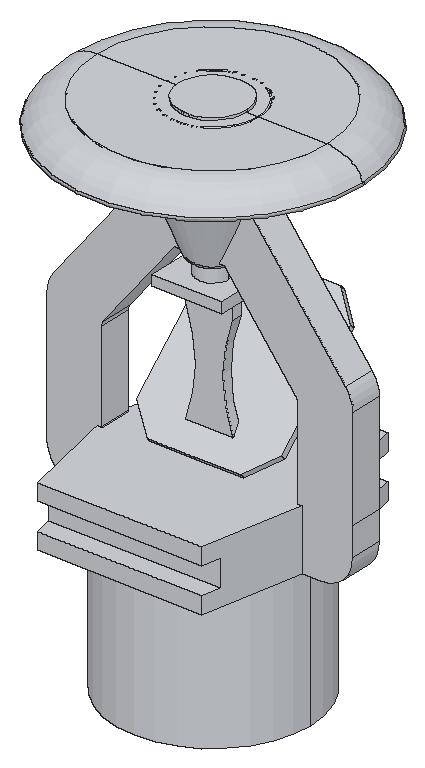
Revit family
Parameters (values of type "RASCO JL112 UPRIGHT")
  Temperature Rating = 212 °F
  Response = 1
  RASCO SIN # = "R7326"
  RASCO Part # = "JL112U2C"
  Pressure Rating = "175 PSI"
  Pressure Class = (empty or 0)
  Orifice Size = 3/4"
  Orifice = (empty or 0)
  Model = "JL112"
  Manufacturer = "RASCO"
  K-Factor = 11.2
  Description = "CHROME FINISH"
  Coverage = (empty or 0)
Reference planes (in)
  plane 1 "Center (Front/Back)": y = 0
  plane 2: z = 0
  plane 3 "Center (Left/Right)": x = 0
Nested families (in)
  nested 1: "JL112U2C" at (0, 0, 0), type "RASCO JL112 UPRIGHT"
Connectors (in)
  piping at (0, 0, 0)
    settings: on nested 1, index 1, connector radius 1/2", flow factor 0, pipe flow 0 GPM, pressure drop 0.00 psi, fitting loss kfactor 0, connector angle 0.00°, fixture units 0, flow configuration 0, flow direction 0, fitting loss method 0, system type 7, connector reference index -1, connector utility 0, adjustable connector no, is connector primary yes, fitting loss table "", connector description ""
Definition of nested family "JL112U2C"
  Parameters (values of type "RASCO JL112 UPRIGHT")
    Type Comments = ""
    Temperature Rating = 0 °F
    Response = (empty or 0)
    Pressure Rating = "0"
    Pressure Class = (empty or 0)
    Orifice Size = 0"
    Orifice = (empty or 0)
    Model = ""
    Manufacturer = ""
    K-Factor = 0
    Description = ""
    Coverage = (empty or 0)
    Assembly Code = ""
  Reference planes (in)
    plane 1 "Center (Front/Back)": y = 0
    plane 2: z = 0
    plane 3 "REF.1": z = 0.773
    plane 4 "top": z = 2.8125
    plane 5: x = -0.81624
    plane 6: x = 0.81332
    plane 7 "ref.2": z = 2.098
    plane 8 "head": z = 2.6725
    plane 9 "left/right center": x = 0
    plane 10 "screw": z = 1.98251
    plane 11 "link2": through (0, -0.02489, 1.21079) normal (0, 0.6767, -0.7363)
  Forms (in)
    Extrusion 1, solid
      sketch origin (0, 0, 0) x (1, 0, 0) y (0, 1, 0)
        loop
          circle (0, 0) r 0.5221
      from 0 to 0.773
    Extrusion 2, solid
      sketch origin (0, 0, 0.773) x (-1, 0, 0) y (0, -1, 0)
        loop
          line (-0.43619, -0.62052) -> (0.4375, -0.62052) -> (0.56391, 0) -> (0.4375, 0.62052) -> (-0.43619, 0.62052) -> (-0.56259, 0) -> (-0.43619, -0.62052)
      from 0 to 0.325
    Extrusion 3, void
      sketch origin (0, 0, 0) x (1, 0, 0) y (0, 0, 1)
        loop
          line (-0.56391, 1.00774) -> (-0.56391, 0.86298) -> (0.56259, 0.86298) -> (0.56259, 1.00774) -> (-0.56391, 1.00774)
      from 0.52148 to 0.62052
    Extrusion 4, solid
      sketch origin (0, 0, 0) x (1, 0, 0) y (0, 0, 1)
        loop
          line (-0.5221, 0.773) -> (-0.5221, 1.098) -> (-0.5221, 1.58091)
          arc (-0.5221, 1.58091) -> (-0.5194, 1.59708) -> (-0.51161, 1.61149) r 0.04979
          line (-0.51161, 1.61149) -> (-0.13316, 2.098) -> (-0.00066, 2.098) -> (0.13184, 2.098) -> (0.5115, 1.61158)
          arc (0.5115, 1.61158) -> (0.51938, 1.59706) -> (0.5221, 1.58077) r 0.05007
          line (0.5221, 1.58077) -> (0.5221, 1.098) -> (0.5221, 0.773) -> (0.64763, 0.773)
          arc (0.64763, 0.773) -> (0.76676, 0.82234) -> (0.8161, 0.94147) r 0.16847
          line (0.8161, 0.94147) -> (0.8161, 1.098) -> (0.8161, 1.63725)
          arc (0.8161, 1.63725) -> (0.80631, 1.69579) -> (0.77801, 1.74796) r 0.17993
          line (0.77801, 1.74796) -> (0.18552, 2.50706) -> (-0.18743, 2.50706) -> (-0.77818, 1.74764)
          arc (-0.77818, 1.74764) -> (-0.80636, 1.69554) -> (-0.8161, 1.63712) r 0.18
          line (-0.8161, 1.63712) -> (-0.8161, 1.098) -> (-0.8161, 0.94094)
          arc (-0.8161, 0.94094) -> (-0.76691, 0.82219) -> (-0.64816, 0.773) r 0.16794
          line (-0.64816, 0.773) -> (-0.5221, 0.773)
      from -0.08649 to 0.08732
    Extrusion 5, void
      sketch origin (0.00728, 1.142, 0) x (1, 0, 0) y (0, 0, 1)
        loop
          line (-0.56391, 1.00774) -> (-0.56391, 0.86298) -> (0.56259, 0.86298) -> (0.56259, 1.00774) -> (-0.56391, 1.00774)
      from 0.52148 to 0.62052
    Revolve 6, solid
      sketch origin (0, 0, 0) x (1, 0, 0) y (0, 0, 1)
        loop
          line (-0.00066, 2.8125) -> (-0.24139, 2.8125)
          arc (-0.24139, 2.8125) -> (-0.25522, 2.80677) -> (-0.26095, 2.79293) r 0.01957
          line (-0.26095, 2.79293) -> (-0.26095, 2.42899)
          arc (-0.26095, 2.42899) -> (-0.25939, 2.41285) -> (-0.25476, 2.3973) r 0.08419
          line (-0.25476, 2.3973) -> (-0.12582, 2.07995)
          arc (-0.12582, 2.07995) -> (-0.11591, 2.06775) -> (-0.10088, 2.06316) r 0.02692
          line (-0.10088, 2.06316) -> (-0.00066, 2.06316) -> (-0.00066, 2.8125)
        axis (-0.00066, 2.8125) -> (-0.00066, 2.06316)
      angle from 0 to 360
    Revolve 7, solid
      sketch origin (0, 0, 0) x (1, 0, 0) y (0, 0, 1)
        loop
          line (-0.00095, 2.8125) -> (-0.61569, 2.8125)
          arc (-0.61569, 2.8125) -> (-0.72648, 2.78068) -> (-0.8035, 2.69491) r 0.20878
          arc (-0.8035, 2.69491) -> (-0.8027, 2.68003) -> (-0.78967, 2.67281) r 0.01538
          line (-0.78967, 2.67281) -> (-0.00095, 2.67281) -> (-0.00095, 2.8125)
        axis (-0.00095, 2.8125) -> (-0.00095, 2.67281)
      angle from 0 to 360
    Extrusion 8, solid
      sketch origin (0, 0, 2.8125) x (-1, 0, 0) y (0, -1, 0)
        loop
          circle (0.00095, 0) r 0.18173
      from 0 to 0.01153
    Extrusion 9, solid
      sketch origin (0, 0, 0) x (1, 0, 0) y (0, 0, 1)
        loop
          line (-0.00066, 1.098) -> (0.12634, 1.098) -> (0.12634, 1.25094)
          arc (0.12634, 1.25094) -> (0.07205, 1.52876) -> (0.12634, 1.80659) r 0.738
          line (0.12634, 1.80659) -> (0.12634, 1.9285) -> (-0.12716, 1.9285) -> (-0.12716, 1.80659)
          arc (-0.12716, 1.80659) -> (-0.07288, 1.52876) -> (-0.12716, 1.25094) r 0.73821
          line (-0.12716, 1.25094) -> (-0.12716, 1.098) -> (-0.00066, 1.098)
      from -0.02698 to 0.02489
    Extrusion 10, solid
      sketch origin (0, 0, 0) x (0, 0, -1) y (0, -1, 0)
        loop
          line (-1.92851, 0.17394) -> (-1.98251, 0.17394) -> (-1.98251, -0.23992)
          arc (-1.98251, -0.23992) -> (-1.96437, -0.3088) -> (-1.91467, -0.35983) r 0.13989
          line (-1.91467, -0.35983) -> (-1.70246, -0.48734)
          arc (-1.70246, -0.48734) -> (-1.69224, -0.50115) -> (-1.69478, -0.51815) r 0.02246
          line (-1.69478, -0.51815) -> (-1.72641, -0.57081) -> (-1.68013, -0.59862) -> (-1.63469, -0.52299)
          arc (-1.63469, -0.52299) -> (-1.62907, -0.4854) -> (-1.65167, -0.45485) r 0.04966
          line (-1.65167, -0.45485) -> (-1.89842, -0.30659)
          arc (-1.89842, -0.30659) -> (-1.92047, -0.28396) -> (-1.92851, -0.25341) r 0.06204
          line (-1.92851, -0.25341) -> (-1.92851, 0.17394)
      from -0.18664 to 0.18723
    Extrusion 11, solid
      sketch origin (0, 0, 1.98251) x (-1, 0, 0) y (0, -1, 0)
        loop
          circle (0, 0) r 0.087
      from 0 to 0.0806
    Extrusion 12, solid
      sketch origin (0, -0.61464, 0.66881) x (0, -0.736298, -0.676658) y (-1, 0, 0)
        loop
          line (-0.69009, 0.00066) -> (-0.69009, 0.24966) -> (-0.83009, 0.38966) -> (-1.45483, 0.38966) -> (-1.59483, 0.24966) -> (-1.59483, -0.24834) -> (-1.45483, -0.38834) -> (-0.83009, -0.38834) -> (-0.69009, -0.24834) -> (-0.69009, 0.00066)
      from -0.02887 to 0
  Cuts and joins
    Extrusion 3, Extrusion 5 cuts Extrusion 2
  Dimensions and locks (in)
    plane 4 "top" to level = 0' - 2 13/16"
